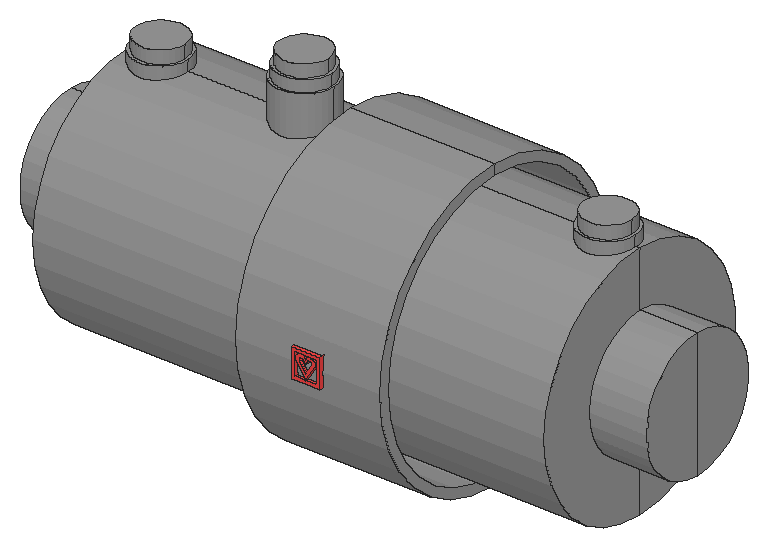
Revit family "Systemtrenner 0307 AG-AG", category Rohrzubehör, Revit 2018
Family settings
  Bemaßung runder Anschluss = Durchmesser verwenden
  Teiletyp = Unterbricht
  OmniClass-Nummer = 23.65.55.14
  OmniClass-Titel = Valves for Liquid Services
  Arbeitsebenenbasiert = Nein
  Immer vertikal = Ja
  Beim Laden mit Abzugskörper schneiden = Nein
  Gemeinsam genutzt = Nein
Parameters (values of type "AG-AG DN40-DN40")
  URL = "www.herz-armaturen.at"
  SCTWSEQ = "AW;SBT_TYP_AW=\"104\";2"
  SCTWCODE = "04;12;02"  # constant formula
  S03 = 15.000 mm  # constant formula
  S02 = 45.000 mm  # constant formula
  S01 = 98.000 mm  # constant formula
  Nennweite Ein [instance] = if(AG_AG_DN40_DN40, 40.000 mm, if(AG_AG_DN40_DN50, 40.000 mm, if(AG_AG_DN50_DN40, 50.000 mm, if(AG_AG_DN50_DN50, 50.000 mm, 0.000 mm))))  # 40.000 mm
  Nennweite Aus [instance] = if(AG_AG_DN40_DN40, 40.000 mm, if(AG_AG_DN40_DN50, 50.000 mm, if(AG_AG_DN50_DN40, 40.000 mm, if(AG_AG_DN50_DN50, 50.000 mm, 0.000 mm))))  # 40.000 mm
  Medium = "Wasser (ohne Dampf)"
  Max. Betriebstemperatur (Kurzzeitig) = 80 °C  # constant formula
  Max. Betriebstemperatur = 65 °C  # constant formula
  Max. Betriebsdruck = 1000000.0 Pa  # constant formula
  L05 = 73.000 mm  # constant formula
  L04 = 28.000 mm  # constant formula
  L03 = 87.500 mm  # constant formula
  L02 = 18.000 mm  # constant formula
  L01 = 196.000 mm  # constant formula
  Hinweis = "Gemäß Art 33 der REACH-Verordnung (EG Nr. 1907/2006) sind wir verpflichtet, darauf hinzuweisen, dass der Stoff Blei auf der SVHC-Liste geführt wird und dass alle aus Messing bestehenden Bauteile, die in unseren Erzeugnissen verarbeitet sind, mehr als 0,1 % (w/w) Blei (CAS: 7439-92-1 / EINECS: 231-100-4) enthalten.\r\nDa Blei als Legierungsbestandteil fest gebunden ist, sind keine Expositionen zu erwarten und daher sind keine zusätzlichen Angaben zur sicheren Verwendung notwendig."
  Hersteller = "HERZ Armaturen Ges.m.b.H."  # constant formula
  Gehäuse = "Edelstahl"  # constant formula
  Einbaulage = "waagrecht oder senkrecht nach unten zeigend"  # constant formula
  D02 = 45.000 mm  # constant formula
  D01 = 37.500 mm  # constant formula
  Bestellnummer [instance] = if(AG_AG_DN40_DN40, "I030703", if(AG_AG_DN40_DN50, "I030711", if(AG_AG_DN50_DN40, "I030715", if(AG_AG_DN50_DN50, "I030707", "0"))))  # "I030703"
  Ausführung = "Der Systemtrenner wurde nach der Norm DIN EN 1717 entwickelt.\r\nLaut dieser Norm ist die Wasserqualität je nach Grad der Verschmutzung in 5 Klassen eingeteilt. Der Systemtrenner Typ BA erlaubt eine Absicherung gegen Nichttrinkwasser bis zur Gefahrenklasse 4, der höchsten Gefahrenklasse, die mit einer Armatur abgesichert werden kann.\r\nEine niedrigere Absicherung eines Standrohres als mit einem Systemtrenner BA nach DIN EN 1717 entspricht nicht mehr dem Stand der Technik und führt damit bei einem Schadensfall zur Haftpflicht des Betreibers eines solchen Standrohres.\r\nDie Funktionseinheit ist als einteilige Kartusche mit groß bemessenem Steuerkolben und druckstoßgedämpftem Ablassventilsystem ausgebildet.\r\nGewindeanschlüsse sind untereinander austauschbar, wodurch 16 mögliche Anschlussvarianten (Eingangs- und Ausgangsseite erhältlich in 1 1/2” Innen- oder Außengewinde alternativ in 2” Innen- oder Außengewinde)."
  Anwendung = "Der Systemtrenner ist eine kostengünstige Lösung zum Nachrüsten von Standrohren mit der nach DIN EN 1717 zwingend vorgeschriebenen Sicherungsarmatur gegen Rücksaugen, Rückfließen oder Rückdrücken von Nichttrinkwasser in die Trinkwasserleitung.\r\nDer Systemtrenner ist für den waagerechten Einbau geeignet.\r\nEr kann auch senkrecht montiert werden aber nach unten zeigend.\r\nFür den Einbau in eine Steigleitung ist er nicht zulässig."
  AG_AG_DN50_DN50 = no
  AG_AG_DN50_DN40 = no
  AG_AG_DN40_DN50 = no
  AG_AG_DN40_DN40 = yes
  AG Aus [instance] = Nennweite Aus / 2  # 20.000 mm
  AG Ein [instance] = Nennweite Ein / 2  # 20.000 mm
Types (5, lengths in mm): name | Nennweite Ein | Nennweite Aus | Bestellnummer | AG_AG_DN50_DN50 | AG_AG_DN50_DN40 | AG_AG_DN40_DN50 | AG_AG_DN40_DN40 | AG Aus | AG Ein
  (no name) | 40.000 | 40.000 | "I030703" | no | no | no | yes | 20.000 | 20.000
  AG-AG DN40-DN50 | 40.000 | 50.000 | "I030711" | no | no | yes | no | 25.000 | 20.000
  AG-AG DN40-DN40 | 40.000 | 40.000 | "I030703" | no | no | no | yes | 20.000 | 20.000
  AG-AG DN50-DN50 | 50.000 | 50.000 | "I030707" | yes | no | no | no | 25.000 | 25.000
  AG-AG DN50-DN40 | 50.000 | 40.000 | "I030715" | no | yes | no | no | 20.000 | 25.000
Reference planes
  plane 1 "Mitte (Vorne/hinten)": y = 0
  plane 2: z = 0
  plane 3 "Mitte (Links/rechts)": x = 0
Forms (mm)
  Revolve 1, solid, material "Messing, weicher Gelbton, geschweißt", detail levels fine
    sketch origin (0, 0, 0) x (1, 0, 0) y (0, 0, 1)
      loop
        line (-98, 0) -> (98, 0) -> (98, 20) -> (80, 20) -> (80, 37.5) -> (-80, 37.5) -> (-80, 20) -> (-98, 20) -> (-98, 0)
      axis (-98, 0) -> (98, 0)
    angle from 0 to 360
  Revolve 2, solid, material "Acetalharz, Schwarz", detail levels fine
    sketch origin (0, 0, 0) x (1, 0, 0) y (0, 0, 1)
      loop
        line (-10.5, 0) -> (1.5, 0) -> (1.5, 42) -> (34.5, 42) -> (34.5, 45) -> (-10.5, 45) -> (-10.5, 0)
      axis (-10.5, 0) -> (34.5, 0)
    angle from 0 to 360
  Extrusion 3, solid, material "Messing, weicher Gelbton, geschweißt", detail levels fine
    sketch origin (0, 0, 0) x (1, 0, 0) y (0, 1, 0)
      loop
        circle (-70, 0) r 8.5
      loop
        circle (70, 0) r 8.5
    from 0 to 40.5
  Extrusion 4, solid, material "Acetalharz, Schwarz", detail levels fine
    sketch origin (0, 0, 0) x (1, 0, 0) y (0, 1, 0)
      loop
        circle (-70, 0) r 7.5
      loop
        circle (70, 0) r 7.5
    from 40.5 to 44.5
  Extrusion 5, solid, material "Messing, weicher Gelbton, geschweißt", detail levels fine
    sketch origin (0, 0, 0) x (1, 0, 0) y (0, 1, 0)
      loop
        circle (-25, 0) r 9.3
    from 0 to 49
  Extrusion 6, solid, material "Messing, weicher Gelbton, geschweißt", detail levels fine
    sketch origin (0, 0, 0) x (1, 0, 0) y (0, 1, 0)
      loop
        circle (-25, 0) r 8.5
    from 49 to 52.5
  Extrusion 7, solid, material "Acetalharz, Schwarz", visible <- "AG_AG_DN40_DN50", detail levels fine
    sketch origin (0, 0, 0) x (1, 0, 0) y (0, 1, 0)
      loop
        circle (-25, 0) r 7.5
    from 52.5 to 56.5
  Extrusion 8, solid, material "Acetalharz, Schwarz", visible <- "AG_AG_DN40_DN40", detail levels fine
    sketch origin (0, 0, 0) x (1, 0, 0) y (0, 1, 0)
      loop
        circle (-25, 0) r 7.5
    from 52.5 to 56.4
  Extrusion 9, solid, material "Acetalharz, Schwarz", visible <- "AG_AG_DN50_DN50", detail levels fine
    sketch origin (0, 0, 0) x (1, 0, 0) y (0, 1, 0)
      loop
        circle (-25, 0) r 7.5
    from 52.5 to 56.3
  Extrusion 10, solid, material "Acetalharz, Schwarz", visible <- "AG_AG_DN50_DN40", detail levels fine
    sketch origin (0, 0, 0) x (1, 0, 0) y (0, 1, 0)
      loop
        circle (-25, 0) r 7.5
    from 52.5 to 56.2
Lines and regions (mm)
  model lines, detail levels coarse+medium
    curve 1: line (-98, 0, 37.5) -> (98, 0, 37.5)
    curve 2: line (-98, 0, -37.5) -> (-98, 0, 37.5)
    curve 3: line (98, 0, -37.5) -> (-98, 0, -37.5)
    curve 4: line (98, 0, 37.5) -> (98, 0, -37.5)
    curve 5: line (-98, 0, -22.5) -> (-53, 0, -22.5)
    curve 6: line (0, 0, -22.5) -> (98, 0, -22.5)
    curve 7: line (-98, 0, 22.5) -> (-53, 0, 22.5)
    curve 8: line (0, 0, 22.5) -> (98, 0, 22.5)
    curve 9: line (-98, 37.5, 0) -> (98, 37.5, 0)
    curve 10: line (-98, -37.5, 0) -> (-98, 37.5, 0)
    curve 11: line (98, -37.5, 0) -> (-98, -37.5, 0)
    curve 12: line (98, 37.5, 0) -> (98, -37.5, 0)
    curve 13: line (-98, 22.5, 0) -> (-53, 22.5, 0)
    curve 14: line (0, 22.5, 0) -> (98, 22.5, 0)
    curve 15: line (-98, -22.5, 0) -> (-53, -22.5, 0)
    curve 16: line (0, -22.5, 0) -> (98, -22.5, 0)
Dimensions and locks
  "L02": Revolve 1 sketch curve to Revolve 1 sketch curve  (x2)
  "L01": Revolve 1 sketch curve to Revolve 1 sketch curve
  equal spacing: Revolve 1 sketch curve, plane 3 "Mitte (Links/rechts)", Revolve 1 sketch curve
  "AG Ein": Revolve 1 sketch curve to plane 2
  "AG Aus": Revolve 1 sketch curve to plane 2
  "D01": Revolve 1 sketch curve to plane 2
  "L03": Revolve 1 to Revolve 2 sketch curve
  equal spacing: curve 4, plane 3 "Mitte (Links/rechts)", curve 2
  "L01": curve 4 to curve 2
  "D01": curve 1 to plane 2 to curve 3
  "S03": curve 5 to curve 3
  "S03": curve 1 to curve 7
  "S03": curve 1 to curve 8
  "S03": curve 6 to curve 3
  "S02": curve 5 to curve 2
  "S02": curve 7 to curve 2
  "S01": curve 8 to curve 4
  "S01": curve 6 to curve 4
  equal spacing: curve 10, plane 3 "Mitte (Links/rechts)", curve 12
  "L01": curve 10 to curve 12
  "D01": curve 11 to plane 1 "Mitte (Vorne/hinten)" to curve 9
  "S03": curve 13 to curve 9
  "S03": curve 11 to curve 15
  "S03": curve 14 to curve 9
  "S03": curve 11 to curve 16
  "S01": curve 14 to curve 12
  "S01": curve 16 to curve 12
  "S02": curve 10 to curve 15
  "S02": curve 10 to curve 13
  "D02": Revolve 2 sketch curve to Revolve 2 sketch curve
  equal spacing: Revolve 2, nested 1, Revolve 2
  "D02": nested 1 to plane 1 "Mitte (Vorne/hinten)"
  "L04": Revolve 1 to Extrusion 3 sketch curve
  "L04": Extrusion 3 sketch curve to Revolve 1
  "L04": Extrusion 4 sketch curve to Revolve 1
  "L04": Revolve 1 to Extrusion 4 sketch curve
  "L05": Revolve 1 to Extrusion 5 sketch curve
  "L05": Revolve 1 to Extrusion 6 sketch curve
  "L05": Revolve 1 to Extrusion 10 sketch curve
  "L05": Revolve 1 to Extrusion 9 sketch curve
  "L05": Revolve 1 to Extrusion 8 sketch curve
  "L05": Revolve 1 to Extrusion 7 sketch curve
  aligned and locked: level to plane 2
Automatic sketch dimensions
  Revolve 1 sketch curve to level = 0.000 mm  (x2)
  Revolve 1 sketch curve to Revolve 1 sketch curve = 1408.530 mm
  Revolve 1 sketch curve to Revolve 1 sketch curve = 1741.148 mm
  Revolve 2 sketch curve to level = 0.000 mm  (x2)
  plane 3 "Mitte (Links/rechts)" to Revolve 2 sketch curve = 1.500 mm
  Revolve 2 sketch curve to Revolve 2 sketch curve = 33.000 mm
  Revolve 2 sketch curve to Revolve 2 sketch curve = 3.000 mm
  Revolve 2 sketch curve to Revolve 2 sketch curve = 1496.030 mm
  Revolve 2 sketch curve to Revolve 2 sketch curve = 1804.648 mm
  plane 1 "Mitte (Vorne/hinten)" to Extrusion 3 sketch curve = 0.000 mm  (x2)
  plane 1 "Mitte (Vorne/hinten)" to Extrusion 4 sketch curve = 0.000 mm  (x2)
  plane 1 "Mitte (Vorne/hinten)" to Extrusion 5 sketch curve = 0.000 mm
  plane 1 "Mitte (Vorne/hinten)" to Extrusion 6 sketch curve = 0.000 mm
  plane 1 "Mitte (Vorne/hinten)" to Extrusion 7 sketch curve = 0.000 mm
  plane 1 "Mitte (Vorne/hinten)" to Extrusion 8 sketch curve = 0.000 mm
  plane 1 "Mitte (Vorne/hinten)" to Extrusion 9 sketch curve = 0.000 mm
  plane 1 "Mitte (Vorne/hinten)" to Extrusion 10 sketch curve = 0.000 mm
  radius of Extrusion 3 sketch curve = 8.500 mm  (x2)
  radius of Extrusion 4 sketch curve = 7.500 mm  (x2)
  radius of Extrusion 5 sketch curve = 9.300 mm
  radius of Extrusion 6 sketch curve = 8.500 mm
  radius of Extrusion 7 sketch curve = 7.500 mm
  radius of Extrusion 8 sketch curve = 7.500 mm
  radius of Extrusion 9 sketch curve = 7.500 mm
  radius of Extrusion 10 sketch curve = 7.500 mm
Nested families
  nested 1: "Herz-Logo-vorne" at (12, -45, 0) x (0, 1, 0) z (0, 0, 1), type "Herz-Logo-vorne", detail levels fine
Connectors
  piping at (-98, 0, 0), diameter 40, driven by "Nennweite Ein"
    settings: on Revolve 1, index 2, connector inside diameter 609.6 mm, connector length 0.000 mm, flow factor 0, pipe flow 0.0 L/s, pressure drop 0.0 Pa, fitting loss kfactor 0, connector angle 0.00°, fixture units 0, engagement length 0.000 mm, angle of deflection 0.00°, flow configuration 0, flow direction 1, fitting loss method 0, system type 29, joint type 0, gender type 0, connector reference index -1, connector utility 0, adjustable connector no, is connector primary yes, connector description ""
  piping at (98, 0, 0), diameter 40, driven by "Nennweite Aus"
    settings: on Revolve 1, index 3, connector inside diameter 609.6 mm, connector length 0.000 mm, flow factor 0, pipe flow 0.0 L/s, pressure drop 0.0 Pa, fitting loss kfactor 0, connector angle 0.00°, fixture units 0, engagement length 0.000 mm, angle of deflection 0.00°, flow configuration 0, flow direction 2, fitting loss method 0, system type 29, joint type 0, gender type 0, connector reference index -1, connector utility 0, adjustable connector no, is connector primary no, connector description ""
Definition of nested family "Herz-Logo-vorne"
  Reference planes
    plane 1 "Mitte (Vorne/hinten)": y = 0
    plane 2: z = 0
    plane 3 "Mitte (Links/rechts)": x = 0
  Forms (mm)
    Extrusion 1, solid
      sketch origin (0.732, -0.018, 0.017) x (0, -1, 0) y (0, 0, 1)
        loop
          line (-0.018, -4.517) -> (4.482, -4.517) -> (4.482, 4.483) -> (-4.518, 4.483) -> (-4.518, -4.517) -> (-0.018, -4.517)
        loop
          line (-0.05, -3.48) -> (3.482, -3.48) -> (3.482, 3.483) -> (-3.518, 3.483) -> (-3.518, -3.48) -> (-0.05, -3.48)
        loop
          arc (-0.018, 2.383) -> (-1.543, 3.287) -> (-3.067, 2.383) r 1.738
          arc (-3.067, 2.383) -> (-3.191, 1.899) -> (-3.067, 1.415) r 1.009
          line (-3.067, 1.415) -> (-0.018, -3.281) -> (3.032, 1.415)
          arc (3.032, 1.415) -> (3.156, 1.899) -> (3.032, 2.383) r 1.009
          arc (3.032, 2.383) -> (1.507, 3.287) -> (-0.018, 2.383) r 1.738
        loop
          arc (1.885, 1.272) -> (2.005, 1.675) -> (1.885, 2.079) r 0.74
          arc (1.885, 2.079) -> (1.265, 2.416) -> (0.644, 2.079) r 0.74
          line (0.644, 2.079) -> (-0.018, 0.97) -> (-0.679, 2.079)
          arc (-0.679, 2.079) -> (-1.3, 2.416) -> (-1.921, 2.079) r 0.74
          arc (-1.921, 2.079) -> (-2.04, 1.675) -> (-1.921, 1.272) r 0.74
          line (-1.921, 1.272) -> (-0.018, -1.658) -> (1.885, 1.272)
      from 0 to 1.5
  Dimensions and locks
    aligned and locked: level to plane 2
